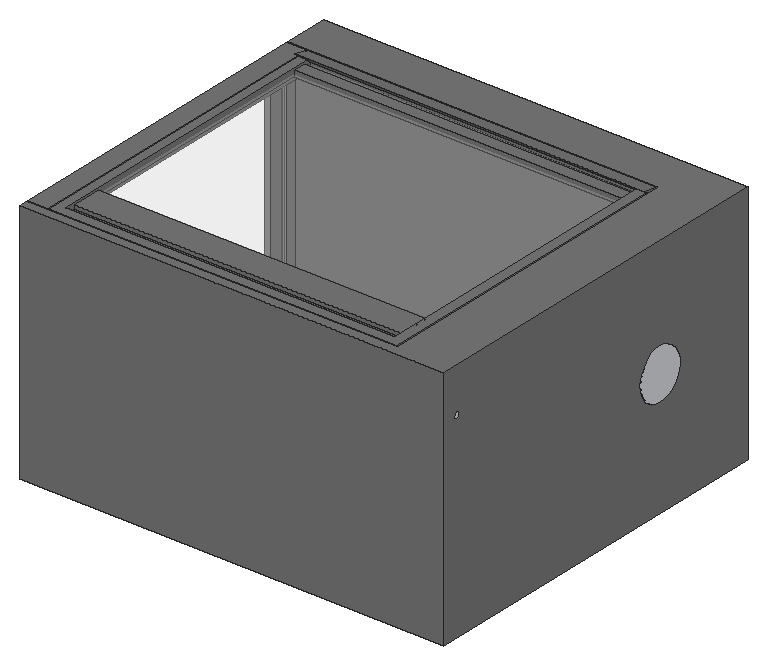
Revit family "Fireplace_Gas_Heatilator_Corner", category Mechanical Equipment, host Face, Revit 2015
Parameters (values of type "GDCR4136 NG")
  gasrad [instance] = Gas Connection Diameter / 2  # 0' - 0 1/4"
  exhaustrad [instance] = Exhaust Connection Diameter / 2  # 0' - 2 1/2"
  Warranty Duration (Years) = 0
  Unit Width = 3' - 6 1/2"
  Unit Weight = 220
  Unit Height = 3' - 2"
  Unit Depth = 2' - 0 1/2"
  URL = "http://www.heatilator.com/"
  Test Data = ""
  Standards Conformance = "UL  ;  cUL"
  Specification = "http://www.arcat.com/sdspecs/htm04/10_31_07hea.htm"
  SpecWizard = ""
  Send Message = "http://www.arcat.com/users.pl?action=UserEmail&amp;company=Heatilator<sup><small></small></sup>&amp;coid=49248&amp;rep=144&amp;fax=&amp;mf=95"
  Screen [instance] = CornerFace : Simon
  Sales Information = "http://www.heatilator.com/Contact-Us.aspx"
  Revision = "R2_2014-09"
  Recess Into Host [instance] = 2' - 0 1/2"
  Rear Wall Finish [instance] = Masonry - Heatilator - Brick as Specified
  Product Properties = ""
  Product Data = "http://www.arcat.com/arcatcos/cos9549/arc49248.html"
  Opening Width = 3' - 0"
  Opening Height = 2' - 0 1/8"
  Mounting Height [instance] = 1' - 10.76867"
  Model = "GDCR4136"
  Media Material [instance] = Surface - Heatilator - Media as Specified
  Manufacturer Website = "http://www.heatilator.com/"
  Manufacturer Phone - Toll Free = "800-927-6841"
  Manufacturer Phone = ""
  Manufacturer Fax = ""
  Manufacturer Address = "7571 215th St. W.  Lakeville, MN 55044"
  Manufacturer = "Heatilator"
  Maintenance Schedule (Months) = 0
  Keynote = "10305"
  Installation-Fabrication = ""
  Installation Phase = ""
  Heating Capacity = "as Specified"
  HVAC_BTU Output = 0.0 Btu/h
  HVAC_BTU Input = 34000.0 Btu/h
  Green Building-LEED = ""
  Glazing Tint [instance] = Glazing - Heatilator - Clear
  Gas Connection Diameter [instance] = 1/2"
  Fuel Type = "NG"
  Fuel Consumption = "as Specified"
  Fixture Finish = Metal - Heatilator - Metallic Black
  Expected Lifespan (Years) = 0
  Exhaust Connection Diameter [instance] = 5"
  Electrical_Voltage = 120 V
  Efficiency Ratings = "Steady State 72  ;  AFUE 59  ;  EnerGuide 61"
  Drawn By = "Sumex Design, Inc. / Robert S. Weygant, CSI, CDT, SCIP"
  Door Finish [instance] = Metal - Heatilator - Metallic Black
  Description = "Heatilator Gas Burning Fireplace - Corner GDCR4136 NG as Specified"
  Default Elevation = 0' - 0"
  Copyright = "©Arcat Inc."
  Construction Details = "http://www.arcat.com/details/heatil/heatil.html?coid=49248"
  Building Codes = ""
  Assembly Code = "D3020"
Types (2): name | Model | Description
  GDCR4136 NG | "GDCR4136" | "Heatilator Gas Burning Fireplace - Corner GDCR4136 NG as Specified"
  GDCL4136 NG | "GDCL4136" | "Heatilator Gas Burning Fireplace - Corner GDCL4136 NG as Specified"
Reference planes (in)
  plane 1 "Opening CL": y = 0
  plane 2: z = 0
  plane 3 "Center (Left/Right)": x = 0
  plane 4: z = -24.5
  plane 5 "Front": z = 0
  plane 6 "FF": y = -41.20617
  plane 7: y = -18.4375
  plane 8: y = -17.4375
  plane 9: x = -21.25
  plane 10: x = 21.25
  plane 11: y = 19.5625
Forms (in)
  Extrusion 1, void
    sketch origin (0, 0, 0) x (1, 0, 0) y (0, 1, 0)
      loop
        line (21.25, 19.5625) -> (-21.25, 19.5625) -> (-21.25, -18.4375) -> (21.25, -18.4375) -> (21.25, 19.5625)
    from -24.5 to 5.63952
  Extrusion 2, solid
    sketch origin (0, 19.5625, 0) x (0, 0, -1) y (1, 0, 0)
      loop
        circle (12, 11.75) r 2.5
    from 0 to 3
  Extrusion 3, solid
    sketch origin (21.25, -180, 14.07791) x (0, 0, 1) y (0, -1, 0)
      loop
        circle (-18.57791, -163.0625) r 0.25
    from 0 to -0.93746
  Extrusion 4, solid
    sketch origin (21.25, -180, 14.07791) x (0, 0, 1) y (0, -1, 0)
      loop
        circle (-26.07791, -188.5625) r 2.5
    from 0 to -0.93746
  Extrusion 5, solid, material "Metal - Heatilator - Metallic Black" <- "Fixture Finish"
    sketch origin (0, 0, 0) x (1, 0, 0) y (0, 1, 0)
      loop
        line (-21.25, -18.4375) -> (21.25, -18.4375) -> (21.25, 19.5625) -> (-21.25, 19.5625) -> (-21.25, 15.0625) -> (15.75, 15.0625) -> (15.75, -17.4375) -> (-21.25, -17.4375) -> (-21.25, -18.4375)
    from -24.5 to 0
  Extrusion 6, solid, material "Metal - Heatilator - Metallic Black" <- "Fixture Finish"
    sketch origin (-21.8749, -17.4375, 48) x (-1, 0, 0) y (0, 0, 1)
      loop
        line (-37.6249, -49.25) -> (-37.6249, -71.25) -> (-2.6249, -71.25) -> (-2.6249, -49.25) -> (-37.6249, -49.25)
    from 0 to 5
  Extrusion 7, solid, material "Masonry - Heatilator - Brick as Specified" <- "Rear Wall Finish"
    sketch origin (-21.8749, -17.4375, 48) x (-1, 0, 0) y (0, 0, 1)
      loop
        line (-37.6249, -71.25) -> (-2.6249, -71.25) -> (-2.6249, -70.75) -> (-37.1249, -70.75) -> (-37.1249, -49.25) -> (-37.6249, -49.25) -> (-37.6249, -71.25)
    from 5 to 32.5
  Extrusion 8, solid, material "Metal - Heatilator - Metallic Black" <- "Fixture Finish"
    sketch origin (-6.5, -18.4375, 48) x (1, 0, 0) y (0, 0, 1)
      loop
        line (-12.75, -71.25) -> (-12.75, -72.5) -> (25.75, -72.5) -> (25.75, -71.25) -> (-12.75, -71.25)
    from -38 to 0
Cuts and joins
  joined: Extrusion 5, Extrusion 8
Dimensions and locks (in)
  "Recess Into Host": level to plane 4
  "Unit Depth": plane 5 "Front" to plane 4
  "Mounting Height": plane 7 to plane 6 "FF"
  locked: plane 7 to plane 8 at 1
  equal spacing: plane 9, plane 3 "Center (Left/Right)", plane 10
  "Unit Width": plane 9 to plane 10
  "Unit Height": plane 7 to plane 11
  locked: plane 5 "Front" to Extrusion 3 sketch curve at 4.5
  locked: plane 7 to Extrusion 3 sketch curve at 1.5
  locked: plane 5 "Front" to Extrusion 2 sketch curve at 12
  locked: plane 7 to Extrusion 4 sketch curve at 27
  locked: plane 5 "Front" to Extrusion 4 sketch curve at 12
  locked: plane 10 to Extrusion 2 sketch curve at 9.5
  "exhaustrad": radius of Extrusion 2 sketch curve
  "gasrad": radius of Extrusion 3 sketch curve
  "exhaustrad": radius of Extrusion 4 sketch curve
  aligned and locked: plane 2 to host face
  aligned and locked: level to host face
  aligned: Extrusion 1 to plane 5 "Front"
  aligned and locked: Extrusion 1 to plane 4
  aligned and locked: Extrusion 1 sketch curve to plane 7
  aligned and locked: plane 10 to Extrusion 1 sketch curve
  aligned and locked: Extrusion 1 sketch curve to plane 9
  aligned and locked: Extrusion 1 sketch curve to plane 11
  aligned and locked: Extrusion 5 to plane 4
  aligned and locked: Extrusion 5 to plane 5 "Front"
  aligned and locked: Extrusion 8 to plane 11
  aligned and locked: plane 7 to Extrusion 8
  aligned and locked: nested 1 to plane 7
Automatic sketch dimensions
  host sketch curve to host sketch curve = 5' - 2.84928"
  host sketch curve to host sketch curve = 10' - 4 9/16"
  Extrusion 8 sketch curve to plane 4 = 0' - 0"
  plane 9 to Extrusion 8 sketch curve = 0' - 2"
  Extrusion 8 sketch curve to plane 10 = 0' - 2"
  plane 4 to Extrusion 8 sketch curve = 0' - 1 1/4"
  Extrusion 5 sketch curve to plane 7 = 0' - 0"
  Extrusion 5 sketch curve to plane 8 = 0' - 0"
  Extrusion 5 sketch curve to plane 11 = 0' - 0"
  Extrusion 5 sketch curve to plane 9 = 0' - 0"
  Extrusion 5 sketch curve to Extrusion 5 sketch curve = 0' - 0"
  plane 9 to Extrusion 5 sketch curve = 3' - 1"
  Extrusion 5 sketch curve to Extrusion 5 sketch curve = 0' - 5 1/2"
  plane 11 to Extrusion 5 sketch curve = 0' - 4 1/2"
  Extrusion 7 sketch curve to level = 0' - 1 1/4"
  Extrusion 7 sketch curve to plane 10 = 0' - 5 1/2"
  Extrusion 7 sketch curve to Extrusion 7 sketch curve = 0' - 0 1/2"  (x2)
  plane 4 to Extrusion 7 sketch curve = 0' - 1 1/4"
  plane 9 to Extrusion 7 sketch curve = 0' - 2"
  plane 4 to Extrusion 6 sketch curve = 0' - 1 1/4"
  Extrusion 6 sketch curve to plane 10 = 0' - 5 1/2"
  plane 9 to Extrusion 6 sketch curve = 0' - 2"
  Extrusion 6 sketch curve to level = 0' - 1 1/4"
Nested families (in)
  nested 1: "CornerFace" at (19.25, -18.4375, 0) x (-1, 0, 0) z (0, 0, 1), frame finish <- "Door Finish", type <- "Screen", clear material <- "Glazing Tint", type "Simon"
    with frame finish Metal - Heatilator - Metallic Black, clear material Glazing - Heatilator - Clear
Connectors (in)
  hvac at (11.75, 19.5625, -12), driven by "exhaustrad"
    settings: on Extrusion 2, index 2, duct flow 0 CFM, flow factor 0, pres drop 0.00 in-wg, loss coef 0, conn angle 0.00°, conn width 12", conn height 12", conn diameter 5", duct sys type 3, conn prof type 0, flow config 0, flow direction 2, loss method 0, conn ref index -1, conn util no, is conn primary yes, conn desc "GDFL Vertical Exhaust"
  piping at (21.25, -16.9375, -4.5), diameter 0.5, driven by "gasrad"
    settings: on Extrusion 3, index 5, connector inside diameter 1/2", connector length 0' - 0", flow factor 0, pipe flow 0 GPM, pressure drop 0.00 psi, fitting loss kfactor 0, connector angle 0.00°, fixture units 0, engagement length 0' - 0", angle of deflection 0.00°, flow configuration 0, flow direction 1, fitting loss method 0, system type 29, joint type 0, gender type 0, connector reference index -1, connector utility 0, adjustable connector no, is connector primary yes, connector description "Gas Inlet"
  hvac at (21.25, 8.5625, -12), driven by "exhaustrad"
    settings: on Extrusion 4, index 7, duct flow 0 CFM, flow factor 0, pres drop 0.00 in-wg, loss coef 0, conn angle 0.00°, conn width 12", conn height 12", conn diameter 5", duct sys type 3, conn prof type 0, flow config 0, flow direction 2, loss method 0, conn ref index -1, conn util no, is conn primary no, conn desc "GDFL Rear Exhaust"
  electrical at (21.25, 0.5625, -12.25), driven by "Electrical_Voltage"
    settings: on cut or joined group of Extrusion 5, Extrusion 8, index 8, voltage 120 V, apparent load 0 VA, apparent load phase1 0 VA, apparent load phase2 0 VA, apparent load phase3 0 VA, power factor 1, load classification "Other", number of poles 1, system type 31, power factor state 1, is connector primary yes, connector utility no, sub classification motor no, connector description ""
Definition of nested family "CornerFace"
  Parameters
    frame finish [instance] = none
    clear material [instance] = none
    Phoenix = no
    Default Elevation = 4' - 0"
    Craftsman = no
    Assembly Code = ""
    Simon = yes
  Reference planes (in)
    plane 1 "Center (Front/Back)": y = 0
    plane 2: z = 0
    plane 3 "Center (Left/Right)": x = 0
    plane 4: y = 1
    plane 5: y = 33.5
    plane 6: y = 6
    plane 7: y = 30.5
    plane 8: x = 3.5
    plane 9: x = 21
    plane 10: z = -11.99979
  Forms (in)
    Extrusion 1, solid, material <- "frame finish"
      sketch origin (0, 0, 0) x (1, 0, 0) y (0, 0, 1)
        loop
          line (40.5, 0) -> (38.5, 0) -> (38.5, -2) -> (40.5, -2) -> (40.5, 0)
        loop
          line (40.5, -24.5) -> (40.5, -22) -> (38.5, -22) -> (38.5, -24.5) -> (40.5, -24.5)
      from -33.5 to -1
    Extrusion 2, solid, material <- "frame finish", visible <- "Phoenix"
      sketch origin (0, 0, 0) x (1, 0, 0) y (0, 1, 0)
        loop
          line (3.5, 1) -> (4.5, 1) -> (4.5, 33.5) -> (3.5, 33.5) -> (3.5, 1)
        loop
          line (37.5, 1) -> (38.5, 1) -> (38.5, 33.5) -> (37.5, 33.5) -> (37.5, 1)
      from 0 to -0.75
    Extrusion 3, solid, material <- "frame finish", visible <- "Phoenix"
      sketch origin (0, 0, 0) x (1, 0, 0) y (0, 1, 0)
        loop
          line (4.5, 32.75) -> (4.5, 32.29795) -> (15.48684, 32.29795)
          arc (15.48684, 32.29795) -> (9.827, 30.85256) -> (4.5, 28.45548) r 33.84463
          line (4.5, 28.45548) -> (4.5, 26.89198)
          arc (4.5, 26.89198) -> (21, 31.39384) -> (37.5, 26.89198) r 32.48846
          line (37.5, 26.89198) -> (37.5, 28.45548)
          arc (37.5, 28.45548) -> (32.173, 30.85256) -> (26.51316, 32.29795) r 33.84463
          line (26.51316, 32.29795) -> (37.5, 32.29795) -> (37.5, 32.75) -> (21.45205, 32.75) -> (21.45205, 33.5) -> (20.54795, 33.5) -> (20.54795, 32.75) -> (4.5, 32.75)
      from 0 to -0.75
    Extrusion 4, solid, material <- "frame finish", visible <- "Phoenix"
      sketch origin (0, 0, 0) x (1, 0, 0) y (0, 1, 0)
        loop
          line (4.75, 25.25) -> (4.25, 25.25) -> (4.25, 23) -> (4.75, 23) -> (4.75, 25.25)
        loop
          line (4.75, 8.625) -> (4.25, 8.625) -> (4.25, 6.375) -> (4.75, 6.375) -> (4.75, 8.625)
        loop
          line (37.25, 25.25) -> (37.25, 23) -> (37.75, 23) -> (37.75, 25.25) -> (37.25, 25.25)
        loop
          line (37.25, 8.625) -> (37.25, 6.375) -> (37.75, 6.375) -> (37.75, 8.625) -> (37.25, 8.625)
      from 0 to 0.30703
    Extrusion 5, solid, material <- "frame finish", visible <- "Phoenix"
      sketch origin (1.75, 0, 0) x (1, 0, 0) y (0, 1, 0)
        loop
          circle (17.2941, 1.74223) r 0.5
        loop
          circle (21.2059, 1.74223) r 0.5
      from 0 to 0.7778
    Extrusion 6, solid, material <- "frame finish", visible <- "Phoenix"
      sketch origin (38.5, 0, 0) x (-1, 0, 0) y (0, -1, 0)
        loop
          line (17.27397, -29.35875) -> (17.27397, -10.04005)
          arc (17.27397, -10.04005) -> (12.69126, -9.56277) -> (8.27986, -8.23288) r 24.41096
          line (8.27986, -8.23288) -> (2.13014, -8.23288) -> (2.13014, -25.19656)
          arc (2.13014, -25.19656) -> (9.42913, -28.27067) -> (17.27397, -29.35875) r 30.45422
        loop
          line (1, -1) -> (1, -26.89198)
          arc (1, -26.89198) -> (8.94844, -30.24817) -> (17.5, -31.39384) r 32.48846
          line (17.5, -31.39384) -> (17.5, -1) -> (1, -1)
        loop
          line (17.27397, -3.26027) -> (2.13014, -3.26027) -> (2.13014, -4.61644) -> (17.27397, -4.61644) -> (17.27397, -3.26027)
        loop
          line (2.13014, -5.52055) -> (2.13014, -7.32877) -> (8.4589, -7.32877)
          arc (8.4589, -7.32877) -> (12.77916, -8.65807) -> (17.27397, -9.1359) r 23.50685
          line (17.27397, -9.1359) -> (17.27397, -5.52055) -> (2.13014, -5.52055)
      from 0 to -0.75
    Extrusion 7, solid, material <- "frame finish", visible <- "Phoenix"
      sketch origin (39.75, 0, 19.2637) x (0, 0, -1) y (0, -1, 0)
        loop
          line (21.26349, -1) -> (21.26349, -33.5) -> (22.26349, -33.5) -> (22.26349, -1) -> (21.26349, -1)
        loop
          line (40.26349, -1) -> (40.26349, -33.5) -> (41.26349, -33.5) -> (41.26349, -1) -> (40.26349, -1)
      from 0 to -0.75
    Extrusion 8, solid, material <- "frame finish", visible <- "Phoenix"
      sketch origin (39.75, 0, 16.50064) x (0, 0, -1) y (0, -1, 0)
        loop
          line (19.50043, -32.75) -> (28.01106, -32.75) -> (28.01106, -33.5) -> (29.01106, -33.5) -> (29.01106, -32.75) -> (37.5, -32.75) -> (37.5, -32.29795) -> (32.56048, -32.29795)
          arc (32.56048, -32.29795) -> (35.09829, -31.53058) -> (37.5, -30.40759) r 18.46027
          line (37.5, -30.40759) -> (37.5, -29.55479)
          arc (37.5, -29.55479) -> (28.50021, -32.01029) -> (19.50043, -29.55479) r 17.72056
          line (19.50043, -29.55479) -> (19.50043, -30.40759)
          arc (19.50043, -30.40759) -> (21.90214, -31.53058) -> (24.43995, -32.29795) r 18.46027
          line (24.43995, -32.29795) -> (19.50043, -32.29795) -> (19.50043, -32.75)
      from 0 to -0.75
    Extrusion 9, solid, material <- "frame finish", visible <- "Phoenix"
      sketch origin (39.75, 0, -19.2363) x (0, 0, 1) y (0, 1, 0)
        loop
          arc (15.62163, 28.60541) -> (7.24014, 30.89709) -> (-1.14861, 28.63211) r 16.56939
          line (-1.14861, 28.63211) -> (-1.14861, 9.1359) -> (2.1973, 9.1359)
          arc (2.1973, 9.1359) -> (7.21376, 10.11971) -> (12.23021, 9.1359) r 13.28141
          line (12.23021, 9.1359) -> (15.62163, 9.1359) -> (15.62163, 28.60541)
        loop
          line (-1.76349, 1) -> (16.23651, 1) -> (16.23651, 29.52762)
          arc (16.23651, 29.52762) -> (7.24019, 32.00387) -> (-1.76349, 29.55454) r 17.67618
          line (-1.76349, 29.55454) -> (-1.76349, 1)
        loop
          line (15.62163, 3.26027) -> (15.62163, 4.61644) -> (-1.14861, 4.61644) -> (-1.14861, 3.26027) -> (15.62163, 3.26027)
        loop
          line (-1.14861, 5.52055) -> (15.62163, 5.52055) -> (15.62163, 8.23288) -> (12.1328, 8.23288)
          arc (12.1328, 8.23288) -> (7.21376, 9.21668) -> (2.29472, 8.23288) r 12.7895
          line (2.29472, 8.23288) -> (-1.14861, 8.23288) -> (-1.14861, 5.52055)
      from 0 to -0.75
    Extrusion 10, solid, material <- "frame finish", visible <- "Phoenix"
      sketch origin (3.5, 0, 0) x (1, 0, 0) y (0, 1, 0)
        loop
          arc (17.27397, 29.35875) -> (9.42913, 28.27067) -> (2.13014, 25.19656) r 30.45422
          line (2.13014, 25.19656) -> (2.13014, 8.23288) -> (8.27986, 8.23288)
          arc (8.27986, 8.23288) -> (12.69126, 9.56277) -> (17.27397, 10.04005) r 24.41096
          line (17.27397, 10.04005) -> (17.27397, 29.35875)
        loop
          line (1, 1) -> (17.5, 1) -> (17.5, 31.39384)
          arc (17.5, 31.39384) -> (8.94844, 30.24817) -> (1, 26.89198) r 32.48846
          line (1, 26.89198) -> (1, 1)
        loop
          line (17.27397, 3.26027) -> (17.27397, 4.61644) -> (2.13014, 4.61644) -> (2.13014, 3.26027) -> (17.27397, 3.26027)
        loop
          line (2.13014, 5.52055) -> (17.27397, 5.52055) -> (17.27397, 9.1359)
          arc (17.27397, 9.1359) -> (12.77916, 8.65807) -> (8.4589, 7.32877) r 23.50685
          line (8.4589, 7.32877) -> (2.13014, 7.32877) -> (2.13014, 5.52055)
      from 0 to -0.75
    Extrusion 11, solid, material <- "clear material", visible <- "Phoenix"
      sketch origin (0, 0, 0) x (1, 0, 0) y (0, 1, 0)
        loop
          line (4.5, 32.29795) -> (4.5, 3.26027) -> (37.5, 3.26027) -> (37.5, 32.29795) -> (4.5, 32.29795)
      from -0.31559 to -0.58942
    Extrusion 12, solid, material <- "clear material", visible <- "Phoenix"
      sketch origin (0, 0, 0) x (0, 1, 0) y (0, 0, 1)
        loop
          line (3.26027, -2.99979) -> (3.26027, -20.99957) -> (32.29795, -20.99957) -> (32.29795, -2.99979) -> (3.26027, -2.99979)
      from 40.01834 to 40.24344
    Extrusion 13, solid, material <- "frame finish", visible <- "Craftsman"
      sketch origin (0, 0, 0) x (1, 0, 0) y (0, 1, 0)
        loop
          line (3.5, 33.5) -> (3.5, 1) -> (38.5, 1) -> (38.5, 33.5) -> (36.5, 33.5) -> (36.5, 32.75) -> (21.5, 32.75) -> (21.5, 33.5) -> (20.5, 33.5) -> (20.5, 32.75) -> (5.5, 32.75) -> (5.5, 33.5) -> (3.5, 33.5)
        loop
          line (36.5, 2.5) -> (36.5, 3.5) -> (5.5, 3.5) -> (5.5, 2.5) -> (36.5, 2.5)
        loop
          line (36.5, 30.75) -> (5.5, 30.75) -> (5.5, 29.25) -> (36.5, 29.25) -> (36.5, 30.75)
        loop
          line (5.5, 28.25) -> (5.5, 6) -> (36.5, 6) -> (36.5, 28.25) -> (5.5, 28.25)
        loop
          line (5.5, 5.25) -> (5.5, 4.25) -> (36.5, 4.25) -> (36.5, 5.25) -> (5.5, 5.25)
      from 0 to -0.75
    Extrusion 14, solid, material <- "frame finish", visible <- "Craftsman"
      sketch origin (0, 0, 0) x (1, 0, 0) y (0, 1, 0)
        loop
          line (6.75, 2.5) -> (7.5, 2.5) -> (9.5, 30.75) -> (8.75, 30.75) -> (6.75, 2.5)
        loop
          line (35.25, 2.5) -> (33.25, 30.75) -> (32.5, 30.75) -> (34.5, 2.5) -> (35.25, 2.5)
        loop
          line (20, 30.75) -> (19.25, 30.75) -> (19.25, 29.25) -> (20, 29.25) -> (20, 30.75)
        loop
          line (22, 30.75) -> (22, 29.25) -> (22.75, 29.25) -> (22.75, 30.75) -> (22, 30.75)
        loop
          line (20, 5.25) -> (19.25, 5.25) -> (19.25, 2.5) -> (20, 2.5) -> (20, 5.25)
        loop
          line (22, 5.25) -> (22, 2.5) -> (22.75, 2.5) -> (22.75, 5.25) -> (22, 5.25)
      from 0 to -0.75
    Extrusion 15, solid, material <- "frame finish", visible <- "Craftsman"
      sketch origin (0, 0, 0) x (1, 0, 0) y (0, 1, 0)
        loop
          line (5.5, 30.75) -> (5.5, 29.25) -> (36.5, 29.25) -> (36.5, 30.75) -> (5.5, 30.75)
        loop
          line (5.5, 5.25) -> (5.5, 3) -> (36.5, 3) -> (36.5, 5.25) -> (5.5, 5.25)
      from -0.5 to -0.75
    Extrusion 16, solid, material <- "clear material", visible <- "Craftsman"
      sketch origin (0, 0, 0) x (1, 0, 0) y (0, 1, 0)
        loop
          line (5.5, 28.25) -> (5.5, 6) -> (36.5, 6) -> (36.5, 28.25) -> (5.5, 28.25)
      from -0.75 to -0.5
    Extrusion 17, solid, material <- "frame finish", visible <- "Craftsman"
      sketch origin (40.5, 0, 20.625) x (0, 0, -1) y (0, 1, 0)
        loop
          line (22.625, 33.5) -> (22.625, 1) -> (42.625, 1) -> (42.625, 33.5) -> (40.625, 33.5) -> (40.625, 32.75) -> (33.12479, 32.75) -> (33.12479, 33.5) -> (32.12479, 33.5) -> (32.12479, 32.75) -> (24.625, 32.75) -> (24.625, 33.5) -> (22.625, 33.5)
        loop
          line (40.625, 2.5) -> (40.625, 3.5) -> (24.625, 3.5) -> (24.625, 2.5) -> (40.625, 2.5)
        loop
          line (40.625, 30.75) -> (24.625, 30.75) -> (24.625, 29.25) -> (40.625, 29.25) -> (40.625, 30.75)
        loop
          line (24.625, 28.25) -> (24.625, 6) -> (40.625, 6) -> (40.625, 28.25) -> (24.625, 28.25)
        loop
          line (24.625, 5.25) -> (24.625, 4.25) -> (40.625, 4.25) -> (40.625, 5.25) -> (24.625, 5.25)
      from 0 to -0.75
    Extrusion 18, solid, material <- "frame finish", visible <- "Craftsman"
      sketch origin (40.5, 0, 20.625) x (0, 0, -1) y (0, 1, 0)
        loop
          line (25.375, 2.5) -> (26.125, 2.5) -> (28.125, 30.75) -> (27.375, 30.75) -> (25.375, 2.5)
        loop
          line (39.875, 2.5) -> (37.875, 30.75) -> (37.125, 30.75) -> (39.125, 2.5) -> (39.875, 2.5)
        loop
          line (31.38564, 30.75) -> (30.63564, 30.75) -> (30.63564, 29.25) -> (31.38564, 29.25) -> (31.38564, 30.75)
        loop
          line (33.38564, 30.75) -> (33.38564, 29.25) -> (34.13564, 29.25) -> (34.13564, 30.75) -> (33.38564, 30.75)
        loop
          line (31.38564, 5.25) -> (30.63564, 5.25) -> (30.63564, 2.5) -> (31.38564, 2.5) -> (31.38564, 5.25)
        loop
          line (33.38564, 5.25) -> (33.38564, 2.5) -> (34.13564, 2.5) -> (34.13564, 5.25) -> (33.38564, 5.25)
      from 0 to -0.75
    Extrusion 19, solid, material <- "frame finish", visible <- "Craftsman"
      sketch origin (40.5, 0, 20.625) x (0, 0, -1) y (0, 1, 0)
        loop
          line (24.625, 30.75) -> (24.625, 29.25) -> (40.625, 29.25) -> (40.625, 30.75) -> (24.625, 30.75)
        loop
          line (24.625, 5.25) -> (24.625, 3) -> (40.625, 3) -> (40.625, 5.25) -> (24.625, 5.25)
      from -0.5 to -0.75
    Extrusion 20, solid, material <- "clear material", visible <- "Craftsman"
      sketch origin (40.5, 0, 20.625) x (0, 0, -1) y (0, 1, 0)
        loop
          line (24.625, 28.25) -> (24.625, 6) -> (40.625, 6) -> (40.625, 28.25) -> (24.625, 28.25)
      from -0.75 to -0.5
    Extrusion 21, solid, material <- "frame finish", visible <- "Simon"
      sketch origin (0, 0, 0) x (1, 0, 0) y (0, 1, 0)
        loop
          line (3.5, 33.5) -> (3.5, 1) -> (38.5, 1) -> (38.5, 33.5) -> (3.5, 33.5)
        loop
          line (4.5, 32.5) -> (4.5, 2) -> (37.5, 2) -> (37.5, 32.5) -> (4.5, 32.5)
      from 0 to -0.75
    Extrusion 22, solid, material <- "frame finish", visible <- "Simon"
      sketch origin (0, 0, 0) x (1, 0, 0) y (0, 1, 0)
        loop
          line (4.5, 31.75) -> (4.5, 30.5) -> (37.5, 30.5) -> (37.5, 31.75) -> (4.5, 31.75)
        loop
          line (4.5, 6) -> (4.5, 3) -> (37.5, 3) -> (37.5, 6) -> (4.5, 6)
      from -0.125 to -0.75
    Extrusion 23, solid, material <- "frame finish", visible <- "Simon"
      sketch origin (0, 0, 0) x (1, 0, 0) y (0, 1, 0)
        loop
          line (4.5, 3) -> (4.5, 2) -> (37.5, 2) -> (37.5, 3) -> (4.5, 3)
      from -0.5 to -0.75
    Extrusion 24, solid, material <- "frame finish", visible <- "Simon"
      sketch origin (0, 0, 0) x (0, 1, 0) y (0, 0, 1)
        loop
          line (32.5, -0.25) -> (33.5, -0.25) -> (33.5, 0) -> (31.96967, 0.28033) -> (32.5, -0.25)
      from 3.5 to 38.5
    Extrusion 25, solid, material <- "clear material", visible <- "Simon"
      sketch origin (0, 0, 0) x (1, 0, 0) y (0, 1, 0)
        loop
          line (4.5, 32.5) -> (4.5, 6) -> (37.5, 6) -> (37.5, 32.5) -> (4.5, 32.5)
      from -0.5 to -0.75
    Extrusion 26, solid, material <- "frame finish", visible <- "Simon"
      sketch origin (40.5, 0, 20.76517) x (0, 0, -1) y (0, 1, 0)
        loop
          line (22.76517, 33.5) -> (22.76517, 1) -> (42.76517, 1) -> (42.76517, 33.5) -> (22.76517, 33.5)
        loop
          line (23.76517, 32.5) -> (23.76517, 2) -> (41.76517, 2) -> (41.76517, 32.5) -> (23.76517, 32.5)
      from 0 to -0.75
    Extrusion 27, solid, material <- "frame finish", visible <- "Simon"
      sketch origin (40.5, 0, 20.76517) x (0, 0, -1) y (0, 1, 0)
        loop
          line (23.76495, 31.75) -> (23.76495, 30.5) -> (41.76495, 30.5) -> (41.76495, 31.75) -> (23.76495, 31.75)
        loop
          line (23.76495, 6) -> (23.76495, 3) -> (41.76495, 3) -> (41.76495, 6) -> (23.76495, 6)
      from -0.125 to -0.75
    Extrusion 28, solid, material <- "frame finish", visible <- "Simon"
      sketch origin (40.5, 0, 20.76517) x (0, 0, -1) y (0, 1, 0)
        loop
          line (23.76495, 3) -> (23.76495, 2) -> (41.76495, 2) -> (41.76495, 3) -> (23.76495, 3)
      from -0.5 to -0.75
    Extrusion 29, solid, material <- "frame finish", visible <- "Simon"
      sketch origin (40.5, 0, 20.76517) x (1, 0, 0) y (0, 1, 0)
        loop
          line (-0.25, 32.5) -> (0.28033, 31.96967) -> (0, 33.5) -> (-0.25, 33.5) -> (-0.25, 32.5)
      from -42.76517 to -22.76517
    Extrusion 30, solid, material <- "clear material", visible <- "Simon"
      sketch origin (40.5, 0, 20.76517) x (0, 0, -1) y (0, 1, 0)
        loop
          line (23.76495, 32.5) -> (23.76495, 6) -> (41.76495, 6) -> (41.76495, 32.5) -> (23.76495, 32.5)
      from -0.5 to -0.75
  Cuts and joins
    joined: Extrusion 13, Extrusion 14, Extrusion 15
    joined: Extrusion 17, Extrusion 18, Extrusion 19
    joined: Extrusion 21, Extrusion 24
    joined: Extrusion 26, Extrusion 29
  Dimensions and locks (in)
    locked: plane 1 "Center (Front/Back)" to plane 4 at 1
    locked: plane 1 "Center (Front/Back)" to plane 5 at 33.5
    locked: plane 7 to plane 6 at 24.5
    locked: plane 6 to plane 1 "Center (Front/Back)" at 6
    locked: plane 3 "Center (Left/Right)" to plane 8 at 3.5
    aligned and locked: plane 2 to level
    aligned and locked: Extrusion 1 to plane 4
    aligned and locked: plane 5 to Extrusion 1
